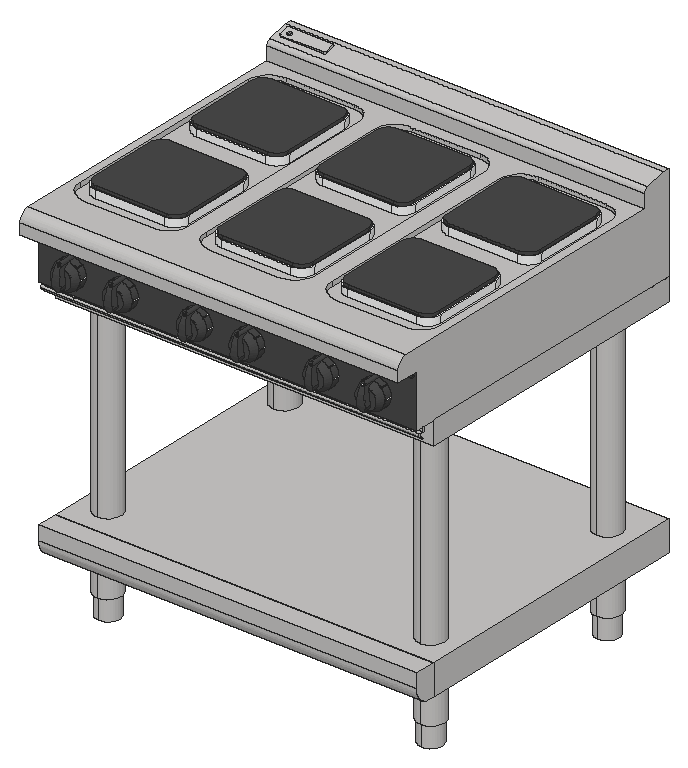
Revit family "QF_Moffat_RNLB8600SE-LS_Electric_Cooktops_Sealed_Hobs_cat", category Specialty Equipment, Revit 2019
Family settings
  Round Connector Dimension = Use Diameter
  Part Type = Normal
  Work Plane-Based = No
  Always vertical = Yes
  Cut with Voids When Loaded = No
  Shared = No
  Room Calculation Point = No
Parameters (values of type "QF_Moffat_RNLB8600SE-LS")
  Weight in Kilograms = 90
  Watts = 9130 W
  Volts = 415 V
  URL Cutsheet = ""
  Specification by User = ""
  Specification by Manufacturer = ""
  Serial Number = ""
  Seismic Rating = ""
  SMACNA No = ""
  Revision Code = ""
  Phase = 3
  Number of Poles = 1
  NAFEM Spec ID Number = ""
  Model = "RNLB8600SE-LS"
  Min Ckt Ampacity = 0 A
  Max Overcurrent Protection = 0 A
  Masterspec = ""
  Manufacturer = "Moffat"
  Length = 900 mm
  Item Number = ""
  Installed By = ""
  Identify Quantity as Lot = yes
  Height = 970 mm
  HP = ""
  Furnished By = ""
  Foodservice Equipment Identifier = yes
  FL Amps = 22 A
  Electrical Remarks = ""
  Electric Connection Type = ""
  Elec Conn RI Height = 0 mm
  Elec Conn Connection Height = 0 mm
  Description = "Electric Cooktops Sealed Hobs"
  Depth = 805 mm
  Cycle = 60 Hz
  Conn Plug = ""
  Conn Conduit = yes
  CSI MasterFormat = ""
  Apparent Power = if(Phase = 3, Volts * FL Amps * 1.73, Volts * FL Amps)  # 15794.9 VA
Reference planes
  plane 1 "BACK": y = 0
  plane 2: z = 0
  plane 3 "LEFT": x = 0
  plane 4 "RIGHT": x = 900
  plane 5 "FRONT": y = -805
  plane 6 "TOP": z = 915
  plane 7 "Center Y": x = 450
  plane 8 "Center X": y = -402.5
  plane 9: x = 65.5
  plane 10: x = 87.5
  plane 11: x = 211.766
  plane 12: y = -30
  plane 13: x = 770
  plane 14: x = 512.5
  plane 15: x = 388.234
  plane 16: x = 834.5
  plane 17: y = -100
  plane 18: y = -625
  plane 19: x = 812.5
  plane 20: x = 688.234
  plane 21: z = 970
Forms (mm)
  Extrusion 1, solid, material "QF_Metal_Stainless_Polished"
    sketch origin (0, 0, 600) x (0, 1, 0) y (0, 0, 1)
      loop
        line (0, 140) -> (0, 370) -> (-15, 370) -> (-61.106, 357.646)
        arc (-61.106, 357.646) -> (-67.52, 353.36) -> (-70, 346.055) r 12
        line (-70, 346.055) -> (-70, 315) -> (-781, 315)
        arc (-781, 315) -> (-797.971, 307.971) -> (-805, 291) r 24
        line (-805, 291) -> (-805, 266) -> (-749, 266) -> (-749, 140) -> (0, 140)
    from 0 to 900
  Extrusion 2, void
    sketch origin (0, -773.8, 915) x (0, 1, 0) y (-1, 0, 0)
      loop
        arc (673.6, -69) -> (658.955, -33.645) -> (623.6, -19) r 50
        line (623.6, -19) -> (123.399, -19)
        arc (123.399, -19) -> (88.044, -33.645) -> (73.399, -69) r 50
        line (73.399, -69) -> (73.399, -231)
        arc (73.399, -231) -> (88.044, -266.355) -> (123.399, -281) r 50
        line (123.399, -281) -> (623.6, -281)
        arc (623.6, -281) -> (658.955, -266.355) -> (673.6, -231) r 50
        line (673.6, -231) -> (673.6, -69)
      loop
        line (673.6, -831) -> (673.6, -669)
        arc (673.6, -669) -> (658.955, -633.645) -> (623.6, -619) r 50
        line (623.6, -619) -> (123.399, -619)
        arc (123.399, -619) -> (88.044, -633.645) -> (73.399, -669) r 50
        line (73.399, -669) -> (73.399, -831)
        arc (73.399, -831) -> (88.044, -866.355) -> (123.399, -881) r 50
        line (123.399, -881) -> (623.6, -881)
        arc (623.6, -881) -> (658.955, -866.355) -> (673.6, -831) r 50
      loop
        line (73.399, -369) -> (73.399, -531)
        arc (73.399, -531) -> (88.044, -566.355) -> (123.399, -581) r 50
        line (123.399, -581) -> (623.6, -581)
        arc (623.6, -581) -> (658.955, -566.355) -> (673.6, -531) r 50
        line (673.6, -531) -> (673.6, -369)
        arc (673.6, -369) -> (658.955, -333.645) -> (623.6, -319) r 50
        line (623.6, -319) -> (123.399, -319)
        arc (123.399, -319) -> (88.044, -333.645) -> (73.399, -369) r 50
    from 0 to -9.5
  Extrusion 3, solid, material "QF_Plastic_White_Smooth"
    sketch origin (0, -773.8, 905.5) x (0, 1, 0) y (-1, 0, 0)
      loop
        arc (637.6, -68) -> (628.227, -45.373) -> (605.6, -36) r 32
        line (605.6, -36) -> (441.399, -36)
        arc (441.399, -36) -> (418.772, -45.373) -> (409.399, -68) r 32
        line (409.399, -68) -> (409.399, -232)
        arc (409.399, -232) -> (418.772, -254.627) -> (441.399, -264) r 32
        line (441.399, -264) -> (605.6, -264)
        arc (605.6, -264) -> (628.227, -254.627) -> (637.6, -232) r 32
        line (637.6, -232) -> (637.6, -68)
      loop
        arc (337.399, -68) -> (328.027, -45.373) -> (305.399, -36) r 32
        line (305.399, -36) -> (141.399, -36)
        arc (141.399, -36) -> (118.772, -45.373) -> (109.399, -68) r 32
        line (109.399, -68) -> (109.399, -232)
        arc (109.399, -232) -> (118.772, -254.627) -> (141.399, -264) r 32
        line (141.399, -264) -> (305.399, -264)
        arc (305.399, -264) -> (328.027, -254.627) -> (337.399, -232) r 32
        line (337.399, -232) -> (337.399, -68)
      loop
        arc (637.6, -368) -> (628.227, -345.373) -> (605.6, -336) r 32
        line (605.6, -336) -> (441.399, -336)
        arc (441.399, -336) -> (418.772, -345.373) -> (409.399, -368) r 32
        line (409.399, -368) -> (409.399, -532)
        arc (409.399, -532) -> (418.772, -554.627) -> (441.399, -564) r 32
        line (441.399, -564) -> (605.6, -564)
        arc (605.6, -564) -> (628.227, -554.627) -> (637.6, -532) r 32
        line (637.6, -532) -> (637.6, -368)
      loop
        arc (409.399, -832) -> (418.772, -854.627) -> (441.399, -864) r 32
        line (441.399, -864) -> (605.6, -864)
        arc (605.6, -864) -> (628.227, -854.627) -> (637.6, -832) r 32
        line (637.6, -832) -> (637.6, -668)
        arc (637.6, -668) -> (628.227, -645.373) -> (605.6, -636) r 32
        line (605.6, -636) -> (441.399, -636)
        arc (441.399, -636) -> (418.772, -645.373) -> (409.399, -668) r 32
        line (409.399, -668) -> (409.399, -832)
      loop
        arc (337.399, -368) -> (328.027, -345.373) -> (305.399, -336) r 32
        line (305.399, -336) -> (141.399, -336)
        arc (141.399, -336) -> (118.772, -345.373) -> (109.399, -368) r 32
        line (109.399, -368) -> (109.399, -532)
        arc (109.399, -532) -> (118.772, -554.627) -> (141.399, -564) r 32
        line (141.399, -564) -> (305.399, -564)
        arc (305.399, -564) -> (328.027, -554.627) -> (337.399, -532) r 32
        line (337.399, -532) -> (337.399, -368)
      loop
        arc (109.399, -832) -> (118.772, -854.627) -> (141.399, -864) r 32
        line (141.399, -864) -> (305.399, -864)
        arc (305.399, -864) -> (328.027, -854.627) -> (337.399, -832) r 32
        line (337.399, -832) -> (337.399, -668)
        arc (337.399, -668) -> (328.027, -645.373) -> (305.399, -636) r 32
        line (305.399, -636) -> (141.399, -636)
        arc (141.399, -636) -> (118.772, -645.373) -> (109.399, -668) r 32
        line (109.399, -668) -> (109.399, -832)
    from 0 to 17.8
  Extrusion 4, solid, material "QF_Plastic_Black_Smooth"
    sketch origin (0, -773.8, 923.3) x (0, 1, 0) y (-1, 0, 0)
      loop
        arc (633.6, -67) -> (625.692, -47.908) -> (606.6, -40) r 27
        line (606.6, -40) -> (440.399, -40)
        arc (440.399, -40) -> (421.308, -47.908) -> (413.399, -67) r 27
        line (413.399, -67) -> (413.399, -233)
        arc (413.399, -233) -> (421.308, -252.092) -> (440.399, -260) r 27
        line (440.399, -260) -> (606.6, -260)
        arc (606.6, -260) -> (625.692, -252.092) -> (633.6, -233) r 27
        line (633.6, -233) -> (633.6, -67)
      loop
        arc (333.399, -67) -> (325.491, -47.908) -> (306.399, -40) r 27
        line (306.399, -40) -> (140.399, -40)
        arc (140.399, -40) -> (121.308, -47.908) -> (113.399, -67) r 27
        line (113.399, -67) -> (113.399, -233)
        arc (113.399, -233) -> (121.308, -252.092) -> (140.399, -260) r 27
        line (140.399, -260) -> (306.399, -260)
        arc (306.399, -260) -> (325.491, -252.092) -> (333.399, -233) r 27
        line (333.399, -233) -> (333.399, -67)
      loop
        line (633.6, -833) -> (633.6, -667)
        arc (633.6, -667) -> (625.692, -647.908) -> (606.6, -640) r 27
        line (606.6, -640) -> (440.399, -640)
        arc (440.399, -640) -> (421.308, -647.908) -> (413.399, -667) r 27
        line (413.399, -667) -> (413.399, -833)
        arc (413.399, -833) -> (421.308, -852.092) -> (440.399, -860) r 27
        line (440.399, -860) -> (606.6, -860)
        arc (606.6, -860) -> (625.692, -852.092) -> (633.6, -833) r 27
      loop
        line (413.399, -367) -> (413.399, -533)
        arc (413.399, -533) -> (421.308, -552.092) -> (440.399, -560) r 27
        line (440.399, -560) -> (606.6, -560)
        arc (606.6, -560) -> (625.692, -552.092) -> (633.6, -533) r 27
        line (633.6, -533) -> (633.6, -367)
        arc (633.6, -367) -> (625.692, -347.908) -> (606.6, -340) r 27
        line (606.6, -340) -> (440.399, -340)
        arc (440.399, -340) -> (421.308, -347.908) -> (413.399, -367) r 27
      loop
        line (333.399, -833) -> (333.399, -667)
        arc (333.399, -667) -> (325.491, -647.908) -> (306.399, -640) r 27
        line (306.399, -640) -> (140.399, -640)
        arc (140.399, -640) -> (121.308, -647.908) -> (113.399, -667) r 27
        line (113.399, -667) -> (113.399, -833)
        arc (113.399, -833) -> (121.308, -852.092) -> (140.399, -860) r 27
        line (140.399, -860) -> (306.399, -860)
        arc (306.399, -860) -> (325.491, -852.092) -> (333.399, -833) r 27
      loop
        line (113.399, -367) -> (113.399, -533)
        arc (113.399, -533) -> (121.308, -552.092) -> (140.399, -560) r 27
        line (140.399, -560) -> (306.399, -560)
        arc (306.399, -560) -> (325.491, -552.092) -> (333.399, -533) r 27
        line (333.399, -533) -> (333.399, -367)
        arc (333.399, -367) -> (325.491, -347.908) -> (306.399, -340) r 27
        line (306.399, -340) -> (140.399, -340)
        arc (140.399, -340) -> (121.308, -347.908) -> (113.399, -367) r 27
    from 0 to 6.1
  Extrusion 5, solid, material "QF_Metal_Stainless_Polished"
    sketch origin (0, 0, 600) x (0, 1, 0) y (0, 0, 1)
      loop
        line (-699, 85) -> (0, 85) -> (0, 140) -> (-699, 140) -> (-699, 85)
    from 0 to 900
  Extrusion 6, solid, material "QF_Metal_Stainless_Polished"
    sketch origin (0, 0, 600) x (0, 1, 0) y (0, 0, 1)
      loop
        line (-730.6, 140) -> (-730.6, 130) -> (-740.105, 130)
        arc (-740.105, 130) -> (-743.076, 128.015) -> (-742.379, 124.511) r 3.215
        line (-742.379, 124.511) -> (-731.85, 113.982) -> (-730.719, 115.113) -> (-741.247, 125.642)
        arc (-741.247, 125.642) -> (-741.597, 127.403) -> (-740.105, 128.4) r 1.615
        line (-740.105, 128.4) -> (-729, 128.4) -> (-729, 140) -> (-730.6, 140)
    from 0 to 900
  Extrusion 7, solid, material "QF_Metal_Stainless_Polished"
    sketch origin (450, 175.397, 1819.2) x (0, 1, 0) y (0, 0, 1)
      loop
        line (-874.397, -1109.2) -> (-889.234, -1109.2)
        arc (-889.234, -1109.2) -> (-890.834, -1110.8) -> (-889.234, -1112.4) r 1.6
        line (-889.234, -1112.4) -> (-874.397, -1112.4) -> (-874.397, -1109.2)
    from -400 to 400
  Extrusion 8, solid, material "QF_Paint_Green"
    sketch origin (0, -749, 711.25) x (0, 0, 1) y (-1, 0, 0)
      loop
        circle (129.8, -732.5) r 7.15
      loop
        circle (129.8, -857.5) r 7.15
      loop
        circle (129.8, -431.766) r 7.15
      loop
        circle (129.8, -556.766) r 7.15
      loop
        circle (129.8, -131.031) r 7.15
      loop
        circle (129.8, -256.031) r 7.15
    from 0 to 1.6
  Extrusion 9, solid, material "QF_Plastic_Black_Smooth"
    sketch origin (0, -749, 711.25) x (0, 0, 1) y (-1, 0, 0)
      loop
        circle (142.343, -13.157) r 5
      loop
        circle (142.343, -886.843) r 5
    from 0 to 1.6
  Extrusion 10, solid, material "QF_Metal_Stainless_Polished"
    sketch origin (-6096, 287.266, 675) x (0, 1, 0) y (-1, 0, 0)
      loop
        circle (-317.266, -6866) r 6.35
    from 10 to 0
  Extrusion 11, solid, material "QF_Metal_Stainless_Polished"
    sketch origin (0, 0, 0) x (0, 1, 0) y (0, 0, 1)
      loop
        line (-749, 222.5) -> (-749, 188)
        arc (-749, 188) -> (-737.87, 161.13) -> (-711, 150) r 38
        line (-711, 150) -> (-699, 150) -> (-699, 222.5) -> (-749, 222.5)
    from 0 to 900
  Revolve 12, solid, material "QF_Metal_Stainless_Polished"
    sketch origin (65.5, -4572, -304.8) x (0, 0, -1) y (0, -1, 0)
      loop
        line (-304.8, -3947) -> (-989.8, -3947) -> (-989.8, -3978.75) -> (-354.8, -3978.75) -> (-354.8, -3974.5) -> (-304.8, -3974.5) -> (-304.8, -3947)
      axis (-989.8, -3947) -> (-304.8, -3947)
    angle from 0 to 360
  Revolve 13, solid, material "QF_Metal_Stainless_Polished"
    sketch origin (834.5, -4572, -304.8) x (0, 0, -1) y (0, 1, 0)
      loop
        line (-304.8, 3947) -> (-304.8, 3974.5) -> (-354.8, 3974.5) -> (-354.8, 3978.75) -> (-989.8, 3978.75) -> (-989.8, 3947) -> (-304.8, 3947)
      axis (-989.8, 3947) -> (-304.8, 3947)
    angle from 0 to 360
  Extrusion 14, solid, material "QF_Metal_Stainless_Polished"
    sketch origin (0, 0, 0) x (0, 1, 0) y (0, 0, 1)
      loop
        line (-699, 222.5) -> (-699, 150) -> (0, 150) -> (0, 222.5) -> (-699, 222.5)
    from 0 to 900
  Revolve 15, solid, material "QF_Metal_Stainless_Polished"
    sketch origin (834.5, 3847, -304.8) x (0, 0, -1) y (0, 1, 0)
      loop
        line (-304.8, -3947) -> (-989.8, -3947) -> (-989.8, -3978.75) -> (-354.8, -3978.75) -> (-354.8, -3974.5) -> (-304.8, -3974.5) -> (-304.8, -3947)
      axis (-989.8, -3947) -> (-304.8, -3947)
    angle from 0 to 360
  Revolve 16, solid, material "QF_Metal_Stainless_Polished"
    sketch origin (65.5, 3847, -304.8) x (0, 0, -1) y (0, -1, 0)
      loop
        line (-304.8, 3947) -> (-304.8, 3974.5) -> (-354.8, 3974.5) -> (-354.8, 3978.75) -> (-989.8, 3978.75) -> (-989.8, 3947) -> (-304.8, 3947)
      axis (-989.8, 3947) -> (-304.8, 3947)
    angle from 0 to 360
Cuts and joins
  Extrusion 2 cuts Extrusion 1
  joined: Extrusion 5, Extrusion 11
  joined: Revolve 12, Revolve 13, Extrusion 14, Revolve 15, Revolve 16
Lines and regions (mm)
  symbolic lines
    curve 1: line (0, 0, 0) -> (900, 0, 0)
    curve 2: line (0, -805, 0) -> (0, 0, 0)
    curve 3: line (900, -805, 0) -> (0, -805, 0)
    curve 4: line (900, 0, 0) -> (900, -805, 0)
    curve 5: arc (19, -150.2, 0) -> (33.645, -114.845, 0) -> (69, -100.2, 0) r 50
    curve 6: line (69, -100.2, 0) -> (231, -100.2, 0)
    curve 7: arc (231, -100.2, 0) -> (266.355, -114.845, 0) -> (281, -150.2, 0) r 50
    curve 8: line (281, -150.2, 0) -> (281, -650.401, 0)
    curve 9: arc (281, -650.401, 0) -> (266.355, -685.756, 0) -> (231, -700.401, 0) r 50
    curve 10: line (231, -700.401, 0) -> (69, -700.401, 0)
    curve 11: arc (69, -700.401, 0) -> (33.645, -685.756, 0) -> (19, -650.401, 0) r 50
    curve 12: line (19, -650.401, 0) -> (19, -150.2, 0)
    curve 13: line (232, -136.2, 0) -> (68, -136.2, 0)
    curve 14: arc (68, -136.2, 0) -> (45.373, -145.573, 0) -> (36, -168.2, 0) r 32
    curve 15: line (36, -168.2, 0) -> (36, -332.401, 0)
    curve 16: arc (36, -332.401, 0) -> (45.373, -355.028, 0) -> (68, -364.401, 0) r 32
    curve 17: line (68, -364.401, 0) -> (232, -364.401, 0)
    curve 18: arc (232, -364.401, 0) -> (254.627, -355.028, 0) -> (264, -332.401, 0) r 32
    curve 19: line (264, -332.401, 0) -> (264, -168.2, 0)
    curve 20: arc (264, -168.2, 0) -> (254.627, -145.573, 0) -> (232, -136.2, 0) r 32
    curve 21: line (233, -140.2, 0) -> (67, -140.2, 0)
    curve 22: arc (67, -140.2, 0) -> (47.908, -148.108, 0) -> (40, -167.2, 0) r 27
    curve 23: line (40, -167.2, 0) -> (40, -333.401, 0)
    curve 24: arc (40, -333.401, 0) -> (47.908, -352.492, 0) -> (67, -360.401, 0) r 27
    curve 25: line (67, -360.401, 0) -> (233, -360.401, 0)
    curve 26: arc (233, -360.401, 0) -> (252.092, -352.492, 0) -> (260, -333.401, 0) r 27
    curve 27: line (260, -333.401, 0) -> (260, -167.2, 0)
    curve 28: arc (260, -167.2, 0) -> (252.092, -148.108, 0) -> (233, -140.2, 0) r 27
    curve 29: line (232, -436.401, 0) -> (68, -436.401, 0)
    curve 30: arc (68, -436.401, 0) -> (45.373, -445.773, 0) -> (36, -468.401, 0) r 32
    curve 31: line (36, -468.401, 0) -> (36, -632.401, 0)
    curve 32: arc (36, -632.401, 0) -> (45.373, -655.028, 0) -> (68, -664.401, 0) r 32
    curve 33: line (68, -664.401, 0) -> (232, -664.401, 0)
    curve 34: arc (232, -664.401, 0) -> (254.627, -655.028, 0) -> (264, -632.401, 0) r 32
    curve 35: line (264, -632.401, 0) -> (264, -468.401, 0)
    curve 36: arc (264, -468.401, 0) -> (254.627, -445.773, 0) -> (232, -436.401, 0) r 32
    curve 37: line (233, -440.401, 0) -> (67, -440.401, 0)
    curve 38: arc (67, -440.401, 0) -> (47.908, -448.309, 0) -> (40, -467.401, 0) r 27
    curve 39: line (40, -467.401, 0) -> (40, -633.401, 0)
    curve 40: arc (40, -633.401, 0) -> (47.908, -652.492, 0) -> (67, -660.401, 0) r 27
    curve 41: line (67, -660.401, 0) -> (233, -660.401, 0)
    curve 42: arc (233, -660.401, 0) -> (252.092, -652.492, 0) -> (260, -633.401, 0) r 27
    curve 43: line (260, -633.401, 0) -> (260, -467.401, 0)
    curve 44: arc (260, -467.401, 0) -> (252.092, -448.309, 0) -> (233, -440.401, 0) r 27
    curve 45: arc (367, -440.401, 0) -> (347.908, -448.309, 0) -> (340, -467.401, 0) r 27
    curve 46: line (340, -467.401, 0) -> (340, -633.401, 0)
    curve 47: arc (340, -633.401, 0) -> (347.908, -652.492, 0) -> (367, -660.401, 0) r 27
    curve 48: line (367, -660.401, 0) -> (533, -660.401, 0)
    curve 49: arc (533, -660.401, 0) -> (552.092, -652.492, 0) -> (560, -633.401, 0) r 27
    curve 50: line (560, -633.401, 0) -> (560, -467.401, 0)
    curve 51: arc (560, -467.401, 0) -> (552.092, -448.309, 0) -> (533, -440.401, 0) r 27
    curve 52: line (533, -440.401, 0) -> (367, -440.401, 0)
    curve 53: arc (368, -436.401, 0) -> (345.373, -445.773, 0) -> (336, -468.401, 0) r 32
    curve 54: line (336, -468.401, 0) -> (336, -632.401, 0)
    curve 55: arc (336, -632.401, 0) -> (345.373, -655.028, 0) -> (368, -664.401, 0) r 32
    curve 56: line (368, -664.401, 0) -> (532, -664.401, 0)
    curve 57: arc (532, -664.401, 0) -> (554.627, -655.028, 0) -> (564, -632.401, 0) r 32
    curve 58: line (564, -632.401, 0) -> (564, -468.401, 0)
    curve 59: arc (564, -468.401, 0) -> (554.627, -445.773, 0) -> (532, -436.401, 0) r 32
    curve 60: line (532, -436.401, 0) -> (368, -436.401, 0)
    curve 61: line (319, -650.401, 0) -> (319, -150.2, 0)
    curve 62: arc (319, -150.2, 0) -> (333.645, -114.845, 0) -> (369, -100.2, 0) r 50
    curve 63: line (369, -100.2, 0) -> (531, -100.2, 0)
    curve 64: arc (531, -100.2, 0) -> (566.355, -114.845, 0) -> (581, -150.2, 0) r 50
    curve 65: line (581, -150.2, 0) -> (581, -650.401, 0)
    curve 66: arc (581, -650.401, 0) -> (566.355, -685.756, 0) -> (531, -700.401, 0) r 50
    curve 67: line (531, -700.401, 0) -> (369, -700.401, 0)
    curve 68: arc (369, -700.401, 0) -> (333.645, -685.756, 0) -> (319, -650.401, 0) r 50
    curve 69: arc (368, -136.2, 0) -> (345.373, -145.573, 0) -> (336, -168.2, 0) r 32
    curve 70: line (336, -168.2, 0) -> (336, -332.401, 0)
    curve 71: arc (336, -332.401, 0) -> (345.373, -355.028, 0) -> (368, -364.401, 0) r 32
    curve 72: line (368, -364.401, 0) -> (532, -364.401, 0)
    curve 73: arc (532, -364.401, 0) -> (554.627, -355.028, 0) -> (564, -332.401, 0) r 32
    curve 74: line (564, -332.401, 0) -> (564, -168.2, 0)
    curve 75: arc (564, -168.2, 0) -> (554.627, -145.573, 0) -> (532, -136.2, 0) r 32
    curve 76: line (532, -136.2, 0) -> (368, -136.2, 0)
    curve 77: arc (367, -140.2, 0) -> (347.908, -148.108, 0) -> (340, -167.2, 0) r 27
    curve 78: line (340, -167.2, 0) -> (340, -333.401, 0)
    curve 79: arc (340, -333.401, 0) -> (347.908, -352.492, 0) -> (367, -360.401, 0) r 27
    curve 80: line (367, -360.401, 0) -> (533, -360.401, 0)
    curve 81: arc (533, -360.401, 0) -> (552.092, -352.492, 0) -> (560, -333.401, 0) r 27
    curve 82: line (560, -333.401, 0) -> (560, -167.2, 0)
    curve 83: arc (560, -167.2, 0) -> (552.092, -148.108, 0) -> (533, -140.2, 0) r 27
    curve 84: line (533, -140.2, 0) -> (367, -140.2, 0)
    curve 85: line (619, -650.401, 0) -> (619, -150.2, 0)
    curve 86: arc (619, -150.2, 0) -> (633.645, -114.845, 0) -> (669, -100.2, 0) r 50
    curve 87: line (669, -100.2, 0) -> (831, -100.2, 0)
    curve 88: arc (831, -100.2, 0) -> (866.355, -114.845, 0) -> (881, -150.2, 0) r 50
    curve 89: line (881, -150.2, 0) -> (881, -650.401, 0)
    curve 90: line (831, -700.401, 0) -> (669, -700.401, 0)
    curve 91: arc (669, -700.401, 0) -> (633.645, -685.756, 0) -> (619, -650.401, 0) r 50
    curve 92: arc (636, -632.401, 0) -> (645.373, -655.028, 0) -> (668, -664.401, 0) r 32
    curve 93: line (668, -664.401, 0) -> (832, -664.401, 0)
    curve 94: arc (832, -664.401, 0) -> (854.627, -655.028, 0) -> (864, -632.401, 0) r 32
    curve 95: line (864, -632.401, 0) -> (864, -468.401, 0)
    curve 96: arc (864, -468.401, 0) -> (854.627, -445.773, 0) -> (832, -436.401, 0) r 32
    curve 97: line (832, -436.401, 0) -> (668, -436.401, 0)
    curve 98: arc (668, -436.401, 0) -> (645.373, -445.773, 0) -> (636, -468.401, 0) r 32
    curve 99: line (636, -468.401, 0) -> (636, -632.401, 0)
    curve 100: arc (640, -633.401, 0) -> (647.908, -652.492, 0) -> (667, -660.401, 0) r 27
    curve 101: line (667, -660.401, 0) -> (833, -660.401, 0)
    curve 102: arc (833, -660.401, 0) -> (852.092, -652.492, 0) -> (860, -633.401, 0) r 27
    curve 103: line (860, -633.401, 0) -> (860, -467.401, 0)
    curve 104: arc (860, -467.401, 0) -> (852.092, -448.309, 0) -> (833, -440.401, 0) r 27
    curve 105: line (833, -440.401, 0) -> (667, -440.401, 0)
    curve 106: arc (667, -440.401, 0) -> (647.908, -448.309, 0) -> (640, -467.401, 0) r 27
    curve 107: line (640, -467.401, 0) -> (640, -633.401, 0)
    curve 108: line (832, -136.2, 0) -> (668, -136.2, 0)
    curve 109: arc (668, -136.2, 0) -> (645.373, -145.573, 0) -> (636, -168.2, 0) r 32
    curve 110: line (636, -168.2, 0) -> (636, -332.401, 0)
    curve 111: arc (636, -332.401, 0) -> (645.373, -355.028, 0) -> (668, -364.401, 0) r 32
    curve 112: line (668, -364.401, 0) -> (832, -364.401, 0)
    curve 113: arc (832, -364.401, 0) -> (854.627, -355.028, 0) -> (864, -332.401, 0) r 32
    curve 114: line (864, -332.401, 0) -> (864, -168.2, 0)
    curve 115: arc (864, -168.2, 0) -> (854.627, -145.573, 0) -> (832, -136.2, 0) r 32
    curve 116: line (833, -140.2, 0) -> (667, -140.2, 0)
    curve 117: arc (667, -140.2, 0) -> (647.908, -148.108, 0) -> (640, -167.2, 0) r 27
    curve 118: line (640, -167.2, 0) -> (640, -333.401, 0)
    curve 119: arc (640, -333.401, 0) -> (647.908, -352.492, 0) -> (667, -360.401, 0) r 27
    curve 120: line (667, -360.401, 0) -> (833, -360.401, 0)
    curve 121: arc (833, -360.401, 0) -> (852.092, -352.492, 0) -> (860, -333.401, 0) r 27
    curve 122: line (860, -333.401, 0) -> (860, -167.2, 0)
    curve 123: arc (860, -167.2, 0) -> (852.092, -148.108, 0) -> (833, -140.2, 0) r 27
    curve 124: arc (831, -700.401, 0) -> (866.355, -685.756, 0) -> (881, -650.401, 0) r 50
    curve 125: line (0, -70, 0) -> (900, -70, 0)
    curve 126: line (0, -15, 0) -> (900, -15, 0)
Dimensions and locks
  equal spacing: plane 3 "LEFT", plane 7 "Center Y", plane 4 "RIGHT"
  "Length": plane 3 "LEFT" to plane 4 "RIGHT"
  equal spacing: plane 5 "FRONT", plane 8 "Center X", plane 1 "BACK"
  "Depth": plane 5 "FRONT" to plane 1 "BACK"
  plane 4 "RIGHT" to plane 3 "LEFT" = 900 mm
  plane 1 "BACK" to plane 5 "FRONT" = 805 mm
  plane 6 "TOP" to plane 2 = 915 mm
  cut or joined group of Extrusion 1, Extrusion 2 to plane 2 = 915 mm
  locked: plane 13 to plane 4 "RIGHT" at 130
  plane 9 to plane 16 = 769 mm
  plane 1 "BACK" to plane 17 = 100 mm
  plane 17 to plane 18 = 525 mm
  plane 1 "BACK" to plane 12 = 30 mm
  plane 5 "FRONT" to plane 1 "BACK" = 805 mm
  "Height": plane 21 to level
  aligned and locked: level to plane 2
Automatic sketch dimensions
  Extrusion 1 sketch curve to plane 5 "FRONT" = 0 mm
  Extrusion 1 sketch curve to plane 5 "FRONT" = 24 mm
  Extrusion 1 sketch curve to Extrusion 1 sketch curve = 32 mm
  Extrusion 1 sketch curve to Extrusion 1 sketch curve = 25 mm
  Extrusion 2 sketch curve to Extrusion 1 = 80.599 mm  (x3)
  Extrusion 2 sketch curve to Extrusion 2 sketch curve = 50 mm  (x8)
  Extrusion 2 sketch curve to Extrusion 2 sketch curve = 0 mm  (x4)
  Extrusion 1 to Extrusion 2 sketch curve = 19 mm  (x2)
  Extrusion 2 sketch curve to Extrusion 2 sketch curve = 162 mm  (x2)
  Extrusion 2 sketch curve to Extrusion 2 sketch curve = 38 mm  (x2)
  Extrusion 3 sketch curve to Extrusion 2 = 36 mm  (x3)
  Extrusion 3 sketch curve to Extrusion 3 sketch curve = 32 mm  (x17)
  Extrusion 3 sketch curve to Extrusion 2 = 17 mm  (x9)
  Extrusion 3 sketch curve to Extrusion 2 = 49 mm  (x5)
  Extrusion 3 sketch curve to Extrusion 3 sketch curve = 164 mm  (x3)
  Extrusion 3 sketch curve to Extrusion 3 sketch curve = 0 mm  (x2)
  Extrusion 3 sketch curve to Extrusion 3 sketch curve = 72 mm  (x3)
  Extrusion 3 sketch curve to Extrusion 2 = 68 mm  (x6)
  Extrusion 4 sketch curve to Extrusion 3 = 4 mm  (x22)
  Extrusion 4 sketch curve to Extrusion 3 = 31 mm  (x22)
  Extrusion 4 sketch curve to Extrusion 4 sketch curve = 27 mm  (x4)
  Extrusion 5 sketch curve to plane 1 "BACK" = 0 mm
  plane 18 to Extrusion 5 sketch curve = 74 mm
  Extrusion 5 sketch curve to Extrusion 5 sketch curve = 55 mm
  Extrusion 6 sketch curve to Extrusion 6 sketch curve = 0 mm  (x3)
  Extrusion 6 sketch curve to plane 5 "FRONT" = 62.621 mm
  Extrusion 6 sketch curve to Extrusion 6 sketch curve = 1.131 mm  (x3)
  Extrusion 6 sketch curve to Extrusion 6 sketch curve = 1.142 mm  (x2)
  Extrusion 6 sketch curve to Extrusion 6 sketch curve = 10.529 mm
  Extrusion 6 sketch curve to Extrusion 6 sketch curve = 9.505 mm
  Extrusion 6 sketch curve to Extrusion 6 sketch curve = 1.6 mm
  Extrusion 6 sketch curve to Extrusion 6 sketch curve = 10 mm
  plane 18 to Extrusion 7 sketch curve = 88.837 mm
  Extrusion 7 sketch curve to Extrusion 7 sketch curve = 14.837 mm
  Extrusion 7 sketch curve to Extrusion 7 sketch curve = 1.6 mm
  Extrusion 8 sketch curve to Extrusion 1 = 24.95 mm  (x6)
  Extrusion 1 to Extrusion 8 sketch curve = 42.5 mm
  Extrusion 8 sketch curve to Extrusion 8 sketch curve = 125 mm  (x3)
  Extrusion 8 sketch curve to Extrusion 8 sketch curve = 175.734 mm  (x2)
  Extrusion 9 sketch curve to Extrusion 1 = 12.407 mm  (x2)
  Extrusion 1 to Extrusion 9 sketch curve = 13.157 mm  (x2)
  plane 12 to Extrusion 10 sketch curve = 0 mm
  Extrusion 10 sketch curve to plane 13 = 0 mm
  Extrusion 11 sketch curve to plane 5 "FRONT" = 56 mm
  Extrusion 11 sketch curve to Extrusion 11 sketch curve = 12 mm
  Extrusion 11 sketch curve to Extrusion 11 sketch curve = 34.5 mm
  Revolve 12 sketch curve to plane 18 = 0 mm  (x2)
  Revolve 12 sketch curve to level = 0 mm  (x2)
  Revolve 12 sketch curve to Revolve 12 sketch curve = 50 mm
  Revolve 12 sketch curve to plane 18 = 27.5 mm
  Revolve 12 sketch curve to Revolve 12 sketch curve = 31.75 mm
  Revolve 12 sketch curve to Revolve 12 sketch curve = 35 mm
  Revolve 13 sketch curve to plane 18 = 0 mm  (x2)
  Revolve 13 sketch curve to level = 0 mm  (x2)
  level to Revolve 13 sketch curve = 50 mm
  Revolve 13 sketch curve to Revolve 13 sketch curve = 27.5 mm
  Revolve 13 sketch curve to Revolve 13 sketch curve = 31.75 mm
  Revolve 13 sketch curve to Revolve 13 sketch curve = 35 mm
  Extrusion 14 sketch curve to plane 1 "BACK" = 0 mm
  plane 18 to Extrusion 14 sketch curve = 74 mm
  Extrusion 14 sketch curve to Extrusion 14 sketch curve = 72.5 mm
  Revolve 15 sketch curve to plane 17 = 0 mm  (x2)
  Revolve 15 sketch curve to level = 0 mm  (x2)
  Revolve 15 sketch curve to Revolve 15 sketch curve = 50 mm
  plane 17 to Revolve 15 sketch curve = 27.5 mm
  Revolve 15 sketch curve to Revolve 15 sketch curve = 31.75 mm
  Revolve 15 sketch curve to level = 35 mm
  Revolve 16 sketch curve to plane 17 = 0 mm  (x2)
  Revolve 16 sketch curve to level = 0 mm  (x2)
  Revolve 16 sketch curve to Revolve 16 sketch curve = 50 mm
  Revolve 16 sketch curve to Revolve 16 sketch curve = 27.5 mm
  Revolve 16 sketch curve to Revolve 16 sketch curve = 31.75 mm
  Revolve 16 sketch curve to level = 35 mm
  plane 1 "BACK" to curve 1 = 0 mm
  curve 1 to plane 3 "LEFT" = 0 mm
  curve 4 to plane 4 "RIGHT" = 0 mm
  plane 5 "FRONT" to curve 3 = 0 mm
  plane 3 "LEFT" to curve 12 = 19 mm
  curve 12 to curve 15 = 17 mm
  plane 9 to curve 31 = 29.5 mm
  curve 31 to curve 39 = 4 mm
  curve 15 to curve 23 = 4 mm
  curve 24 to plane 9 = 1.5 mm
  curve 22 to plane 9 = 1.5 mm
  curve 40 to plane 9 = 1.5 mm
  curve 38 to plane 9 = 1.5 mm
  curve 22 to curve 14 = 1 mm
  curve 24 to curve 16 = 1 mm
  curve 33 to plane 9 = 2.5 mm
  curve 38 to curve 30 = 1 mm
  curve 5 to plane 9 = 3.5 mm
  curve 10 to plane 9 = 3.5 mm
  plane 11 to curve 7 = 19.234 mm
  plane 11 to curve 10 = 19.234 mm
  plane 11 to curve 36 = 20.234 mm
  curve 9 to curve 34 = 1 mm
  plane 11 to curve 17 = 20.234 mm
  curve 7 to curve 13 = 1 mm
  curve 33 to curve 41 = 1 mm
  curve 20 to curve 21 = 1 mm
  curve 36 to curve 44 = 1 mm  (x2)
  curve 17 to curve 25 = 1 mm
  curve 26 to curve 27 = 27 mm
  curve 44 to curve 43 = 27 mm
  curve 43 to curve 35 = 4 mm
  curve 26 to curve 19 = 4 mm
  curve 19 to curve 8 = 17 mm
  curve 8 to curve 61 = 38 mm
  curve 62 to curve 70 = 17 mm
  plane 15 to curve 54 = 52.234 mm
  curve 53 to curve 46 = 4 mm
  curve 69 to curve 78 = 4 mm
  plane 18 to curve 47 = 8.401 mm
  plane 15 to curve 47 = 21.234 mm
  plane 15 to curve 80 = 21.234 mm
  plane 15 to curve 77 = 21.234 mm
  plane 15 to curve 52 = 21.234 mm
  curve 47 to curve 55 = 1 mm
  curve 45 to curve 53 = 1 mm
  curve 77 to curve 76 = 1 mm
  curve 79 to curve 72 = 1 mm
  curve 48 to curve 68 = 2 mm
  plane 17 to curve 63 = 0.2 mm
  plane 15 to curve 63 = 19.234 mm
  plane 14 to curve 67 = 18.5 mm
  plane 14 to curve 63 = 18.5 mm
  plane 14 to curve 72 = 19.5 mm
  curve 66 to curve 56 = 1 mm
  curve 64 to curve 76 = 1 mm
  plane 14 to curve 59 = 19.5 mm
  curve 59 to curve 52 = 1 mm
  curve 73 to curve 80 = 1 mm
  curve 75 to curve 83 = 1 mm
  curve 57 to curve 49 = 1 mm
  curve 51 to curve 50 = 27 mm
  curve 83 to curve 82 = 27 mm
  curve 83 to curve 74 = 4 mm
  curve 50 to curve 58 = 4 mm
  curve 57 to curve 65 = 17 mm
  curve 64 to curve 85 = 38 mm
  plane 20 to curve 99 = 52.234 mm
  plane 20 to curve 110 = 52.234 mm
  curve 99 to curve 107 = 4 mm
  curve 110 to curve 118 = 4 mm
  plane 20 to curve 119 = 21.234 mm
  plane 20 to curve 117 = 21.234 mm
  plane 20 to curve 106 = 21.234 mm
  plane 20 to curve 101 = 21.234 mm
  curve 101 to curve 93 = 1 mm
  curve 119 to curve 112 = 1 mm
  curve 117 to curve 108 = 1 mm
  curve 106 to curve 97 = 1 mm
  plane 20 to curve 90 = 19.234 mm
  curve 116 to curve 86 = 2 mm
  plane 17 to curve 87 = 0.2 mm
  curve 87 to plane 16 = 3.5 mm
  curve 115 to plane 16 = 2.5 mm
  curve 112 to plane 16 = 2.5 mm
  curve 93 to plane 16 = 2.5 mm
  curve 97 to plane 16 = 2.5 mm
  curve 96 to curve 104 = 1 mm
  curve 116 to plane 16 = 1.5 mm
  curve 94 to curve 102 = 1 mm
  curve 113 to curve 121 = 1 mm
  plane 16 to curve 122 = 25.5 mm
  plane 16 to curve 103 = 25.5 mm
  curve 103 to curve 95 = 4 mm
  curve 121 to curve 114 = 4 mm
  plane 4 "RIGHT" to curve 89 = 19 mm
  plane 18 to curve 90 = 75.401 mm
  plane 18 to curve 10 = 75.401 mm
  curve 67 to curve 47 = 40 mm
  curve 56 to curve 48 = 4 mm
  curve 33 to curve 11 = 14 mm
  curve 33 to curve 41 = 4 mm
  curve 93 to curve 101 = 4 mm
  curve 36 to plane 8 "Center X" = 65.901 mm
  curve 53 to plane 8 "Center X" = 65.901 mm
  curve 99 to plane 8 "Center X" = 65.901 mm
  curve 53 to curve 45 = 1 mm
  curve 98 to curve 106 = 1 mm
  plane 8 "Center X" to curve 112 = 38.099 mm
  plane 8 "Center X" to curve 17 = 38.099 mm
  plane 8 "Center X" to curve 72 = 38.099 mm
  curve 112 to curve 120 = 4 mm
  curve 71 to curve 80 = 4 mm
  curve 17 to curve 25 = 4 mm
  plane 17 to curve 14 = 68.2 mm
  curve 69 to curve 62 = 18 mm
  curve 110 to curve 86 = 18 mm
  curve 69 to curve 77 = 1 mm
  curve 110 to curve 118 = 1 mm
  curve 14 to curve 22 = 1 mm
  curve 7 to curve 28 = 10 mm
  curve 90 to plane 16 = 3.5 mm
  curve 89 to curve 94 = 18 mm
  Extrusion 1 sketch curve to Extrusion 1 sketch curve = 126 mm
  Extrusion 5 sketch curve to plane 6 "TOP" = 230 mm
  Extrusion 6 sketch curve to plane 6 "TOP" = 201.018 mm
  Extrusion 7 sketch curve to plane 6 "TOP" = 208.2 mm
  Revolve 12 sketch curve to plane 6 "TOP" = 230 mm
  Revolve 13 sketch curve to plane 6 "TOP" = 230 mm
  Revolve 15 sketch curve to plane 6 "TOP" = 230 mm
  Revolve 16 sketch curve to plane 6 "TOP" = 230 mm
  Extrusion 11 sketch curve to Extrusion 11 sketch curve = 38 mm
  level to Extrusion 11 sketch curve = 150 mm
  level to Extrusion 14 sketch curve = 150 mm
  plane 12 to Extrusion 1 sketch curve = 31.106 mm
  Extrusion 1 sketch curve to Extrusion 1 sketch curve = 3.106 mm
  plane 6 "TOP" to Extrusion 1 sketch curve = 31.055 mm
  Extrusion 1 sketch curve to Extrusion 1 sketch curve = 11.591 mm
  plane 1 "BACK" to Extrusion 1 sketch curve = 15 mm
  Extrusion 1 sketch curve to Extrusion 1 sketch curve = 12.354 mm
  Extrusion 1 sketch curve to plane 1 "BACK" = 0 mm
  Extrusion 1 sketch curve to plane 6 "TOP" = 0 mm
  Extrusion 2 sketch curve to Extrusion 1 = 80.2 mm  (x3)
  curve 125 to plane 17 = 30 mm
  curve 126 to curve 1 = 15 mm
  radius of Extrusion 8 sketch curve = 7.15 mm  (x6)
  radius of Extrusion 9 sketch curve = 5 mm  (x2)
  radius of Extrusion 10 sketch curve = 6.35 mm
Nested families
  nested 1: "Knob" at (55.003, -749, 764.5), type "Knob"
  nested 2: "Knob" at (179.269, -749, 764.5), type "Knob"
  nested 3: "Knob" at (355.738, -749, 764.5), type "Knob"
  nested 4: "Knob" at (480.003, -749, 764.5), type "Knob"
  nested 5: "Knob" at (656.472, -749, 764.5), type "Knob"
  nested 6: "Knob" at (780.738, -749, 764.5), type "Knob"
  nested 7: "QF_LOGO_Waldorf" at (12, -21.368, 941.583), type "QF_LOGO_Waldorf"
Connectors
  electrical at (770, -30, 675), driven by "Volts", driven by "Watts"
    settings: on Extrusion 10, index 1, voltage 415 V, apparent load 9130 VA, apparent load phase1 0 VA, apparent load phase2 0 VA, apparent load phase3 0 VA, power factor 1, load classification "Other", number of poles 1, system type 30, power factor state 1, is connector primary yes, connector utility no, sub classification motor no, connector description "Electrical Connection"
Definition of nested family "Knob"
  Parameters (values of type "Knob")
    Weight in Pounds = 0
    URL Cutsheet = ""
    Specification by User = ""
    Specification by Manufacturer = ""
    Serial Number = ""
    Seismic Rating = ""
    SMACNA No = ""
    Revision Code = ""
    NAFEM Spec ID Number = ""
    Masterspec = ""
    Length = 65 mm
    Item Number = ""
    Installed By = ""
    Identify Quantity as Lot = yes
    Height = 69.5 mm
    Furnished By = ""
    Foodservice Equipment Identifier = yes
    Depth = 59 mm
    CSI MasterFormat = ""
  Reference planes
    plane 1 "BACK": y = 0
    plane 2: z = 0
    plane 3 "LEFT": x = 0
    plane 4 "RIGHT": x = 65
    plane 5 "FRONT": y = -59
    plane 6 "TOP": z = 69.5
    plane 7 "Center Y": x = 32.5
    plane 8 "Center X": y = -29.5
  Forms (mm)
    Revolve 1, solid
      sketch origin (32.5, 175.397, 1219.2) x (0, 1, 0) y (0, 0, 1)
        loop
          line (-175.397, -1186.7) -> (-219.397, -1186.7) -> (-219.397, -1211.501) -> (-202.106, -1219.2) -> (-185.397, -1219.2) -> (-185.397, -1191.7) -> (-175.397, -1191.7) -> (-175.397, -1186.7)
        axis (-219.397, -1186.7) -> (-175.397, -1186.7)
      angle from 0 to 360
    Extrusion 2, solid
      sketch origin (32.5, 175.397, 1219.2) x (0, 1, 0) y (0, 0, 1)
        loop
          line (-202.106, -1154.2) -> (-185.397, -1154.2) -> (-185.397, -1149.7) -> (-224.105, -1149.7)
          arc (-224.105, -1149.7) -> (-233.965, -1178.467) -> (-230.696, -1208.7) r 70
          line (-230.696, -1208.7) -> (-219.397, -1208.7) -> (-219.397, -1161.899) -> (-202.106, -1154.2)
      from -15 to 15
    Extrusion 3, void
      sketch origin (0, 0, 0) x (1, 0, 0) y (0, 0, 1)
        loop
          line (27.501, 64.613) -> (22.02, 20.585)
          arc (22.02, 20.585) -> (32.792, 10.488) -> (42.986, 21.169) r 10.487
          line (42.986, 21.169) -> (37.499, 64.613)
          arc (37.499, 64.613) -> (32.5, 69.5) -> (27.501, 64.613) r 5
        loop
          line (10, 72.977) -> (10, 5.625) -> (55, 5.625) -> (55, 72.977) -> (10, 72.977)
      from 6.142 to 69.687
    Extrusion 4, solid
      sketch origin (0, -34.115, -16.916) x (1, 0, 0) y (0, 0.45399, 0.891007)
        loop
          circle (32.497, 65) r 2
      from 51.525 to 53.075
    Extrusion 5, solid
      sketch origin (32.5, -10, 32.5) x (0, 0, -1) y (-1, 0, 0)
        loop
          line (-23.54, -22.408) -> (-24.106, -22.974)
          arc (-24.106, -22.974) -> (-23.547, -23.547) -> (-22.974, -24.106) r 33.3
          line (-22.974, -24.106) -> (-22.408, -23.54)
          arc (-22.408, -23.54) -> (-22.981, -22.981) -> (-23.54, -22.408) r 32.5
        loop
          arc (-0.8, -33.29) -> (0, -33.3) -> (0.8, -33.29) r 33.3
          line (0.8, -33.29) -> (0.8, -32.49)
          arc (0.8, -32.49) -> (0, -32.5) -> (-0.8, -32.49) r 32.5
          line (-0.8, -32.49) -> (-0.8, -33.29)
        loop
          arc (23.54, -22.408) -> (22.981, -22.981) -> (22.408, -23.54) r 32.5
          line (22.408, -23.54) -> (22.974, -24.106)
          arc (22.974, -24.106) -> (23.547, -23.547) -> (24.106, -22.974) r 33.3
          line (24.106, -22.974) -> (23.54, -22.408)
        loop
          arc (-23.54, 22.408) -> (-22.981, 22.981) -> (-22.408, 23.54) r 32.5
          line (-22.408, 23.54) -> (-22.974, 24.106)
          arc (-22.974, 24.106) -> (-23.547, 23.547) -> (-24.106, 22.974) r 33.3
          line (-24.106, 22.974) -> (-23.54, 22.408)
        loop
          line (-0.8, 33.29) -> (-0.8, 32.49)
          arc (-0.8, 32.49) -> (0, 32.5) -> (0.8, 32.49) r 32.5
          line (0.8, 32.49) -> (0.8, 33.29)
          arc (0.8, 33.29) -> (0, 33.3) -> (-0.8, 33.29) r 33.3
        loop
          line (32.49, -0.8) -> (33.29, -0.8)
          arc (33.29, -0.8) -> (33.3, 0) -> (33.29, 0.8) r 33.3
          line (33.29, 0.8) -> (32.49, 0.8)
          arc (32.49, 0.8) -> (32.5, 0) -> (32.49, -0.8) r 32.5
        loop
          arc (24.106, 22.974) -> (23.547, 23.547) -> (22.974, 24.106) r 33.3
          line (22.974, 24.106) -> (22.408, 23.54)
          arc (22.408, 23.54) -> (22.981, 22.981) -> (23.54, 22.408) r 32.5
          line (23.54, 22.408) -> (24.106, 22.974)
      from 0 to -16.709
  Cuts and joins
    Extrusion 3 cuts Extrusion 2
  Dimensions and locks
    equal spacing: plane 3 "LEFT", plane 7 "Center Y", plane 4 "RIGHT"
    "Length": plane 3 "LEFT" to plane 4 "RIGHT"
    equal spacing: plane 5 "FRONT", plane 8 "Center X", plane 1 "BACK"
    "Depth": plane 5 "FRONT" to plane 1 "BACK"
    "Height": plane 6 "TOP" to level
    plane 4 "RIGHT" to plane 3 "LEFT" = 65 mm
    aligned and locked: level to plane 2
  Automatic sketch dimensions
    Revolve 1 sketch curve to level = 0 mm
    Revolve 1 sketch curve to plane 1 "BACK" = 0 mm  (x2)
    plane 1 "BACK" to Revolve 1 sketch curve = 10 mm
    plane 8 "Center X" to Revolve 1 sketch curve = 2.791 mm
    Revolve 1 sketch curve to plane 8 "Center X" = 14.5 mm
    level to Revolve 1 sketch curve = 7.699 mm
    level to Revolve 1 sketch curve = 27.5 mm
    Revolve 1 sketch curve to Revolve 1 sketch curve = 5 mm
    Revolve 1 sketch curve to Revolve 1 sketch curve = 35 mm
    Revolve 1 sketch curve to Revolve 1 sketch curve = 0 mm
    Extrusion 2 sketch curve to plane 6 "TOP" = 0 mm
    Extrusion 2 sketch curve to plane 5 "FRONT" = 3.702 mm
    Extrusion 2 sketch curve to plane 5 "FRONT" = 10.293 mm
    Extrusion 2 sketch curve to Extrusion 2 sketch curve = 11.298 mm
    plane 8 "Center X" to Extrusion 2 sketch curve = 2.791 mm
    plane 1 "BACK" to Extrusion 2 sketch curve = 10 mm
    Extrusion 2 sketch curve to plane 1 "BACK" = 11 mm
    Extrusion 2 sketch curve to plane 6 "TOP" = 4.5 mm
    Extrusion 2 sketch curve to plane 6 "TOP" = 12.199 mm
    level to Extrusion 2 sketch curve = 32.962 mm
    level to Extrusion 3 sketch curve = 5.625 mm
    Extrusion 3 sketch curve to plane 7 "Center Y" = 0 mm  (x2)
    Extrusion 3 sketch curve to plane 7 "Center Y" = 4.999 mm
    Extrusion 3 sketch curve to plane 7 "Center Y" = 10.48 mm
    plane 6 "TOP" to Extrusion 3 sketch curve = 3.477 mm
    plane 3 "LEFT" to Extrusion 3 sketch curve = 10 mm
    Extrusion 3 sketch curve to plane 6 "TOP" = 4.887 mm
    Extrusion 3 sketch curve to Extrusion 3 sketch curve = 4.999 mm
    plane 7 "Center Y" to Extrusion 3 sketch curve = 10.486 mm
    level to Extrusion 3 sketch curve = 20.585 mm
    Extrusion 3 sketch curve to Extrusion 3 sketch curve = 0.387 mm
    Extrusion 3 sketch curve to Extrusion 3 sketch curve = 0.113 mm
    plane 4 "RIGHT" to Extrusion 3 sketch curve = 10 mm
    Extrusion 5 sketch curve to Revolve 1 = 32.49 mm
    Revolve 1 to Extrusion 5 sketch curve = 32.49 mm
    Extrusion 5 sketch curve to Revolve 1 = 23.54 mm  (x2)
    Revolve 1 to Extrusion 5 sketch curve = 23.54 mm  (x2)
    Extrusion 5 sketch curve to Revolve 1 = 24.106 mm  (x2)
    Revolve 1 to Extrusion 5 sketch curve = 24.106 mm  (x2)
    Revolve 1 to Extrusion 5 sketch curve = 22.408 mm  (x2)
    Extrusion 5 sketch curve to Revolve 1 = 22.408 mm  (x2)
    Revolve 1 to Extrusion 5 sketch curve = 22.974 mm  (x2)
    Extrusion 5 sketch curve to Revolve 1 = 22.974 mm  (x2)
    Extrusion 5 sketch curve to Extrusion 5 sketch curve = 1.6 mm  (x2)
    Revolve 1 to Extrusion 5 sketch curve = 0.8 mm
    Extrusion 5 sketch curve to Revolve 1 = 0.8 mm
    Extrusion 4 sketch curve to plane 7 "Center Y" = 0.003 mm
    radius of Extrusion 5 sketch curve to Revolve 1 = 0 mm  (x7)
    radius of Revolve 1 to Extrusion 5 sketch curve = 0.8 mm  (x7)
    radius of Extrusion 4 sketch curve = 2 mm
Definition of nested family "QF_LOGO_Waldorf"
  Parameters (values of type "QF_LOGO_Waldorf")
    Weight in Pounds = 0
    URL Cutsheet = ""
    Specification by User = ""
    Specification by Manufacturer = ""
    Serial Number = ""
    Seismic Rating = ""
    SMACNA No = ""
    Revision Code = ""
    NAFEM Spec ID Number = ""
    Masterspec = ""
    Length = 138 mm
    Item Number = ""
    Installed By = ""
    Identify Quantity as Lot = yes
    Height = 26.711 mm
    Furnished By = ""
    Foodservice Equipment Identifier = yes
    Depth = 3.175 mm
    CSI MasterFormat = ""
  Reference planes
    plane 1 "BACK": y = 0
    plane 2: z = 0
    plane 3 "LEFT": x = 0
    plane 4 "RIGHT": x = 138
    plane 5 "FRONT": y = -3.175
    plane 6 "TOP": z = 26.711
    plane 7 "Center Y": x = 69
    plane 8 "Center X": y = -1.587
  Forms (mm)
    Extrusion 1, solid
      sketch origin (0, -25.801, 19.798) x (1, 0, 0) y (0, 0.965926, 0.258819)
        loop
          line (109, 3.464) -> (109, 23.247)
          spline (109, 23.247) -> (108.966, 23.699) -> (108.864, 24.143) -> (108.696, 24.572) -> (108.464, 24.979) -> (108.173, 25.355) -> (107.828, 25.696) -> (107.435, 25.995) -> (107, 26.247) -> (106.531, 26.447) -> (106.035, 26.593) -> (105.522, 26.681) -> (105, 26.711)
          line (105, 26.711) -> (4, 26.711)
          spline (4, 26.711) -> (3.478, 26.681) -> (2.965, 26.593) -> (2.469, 26.447) -> (2, 26.247) -> (1.565, 25.995) -> (1.172, 25.696) -> (0.827, 25.355) -> (0.536, 24.979) -> (0.304, 24.572) -> (0.136, 24.143) -> (0.034, 23.699) -> (0, 23.247)
          line (0, 23.247) -> (0, 3.464)
          spline (0, 3.464) -> (0.034, 3.012) -> (0.136, 2.568) -> (0.304, 2.138) -> (0.536, 1.732) -> (0.827, 1.355) -> (1.172, 1.015) -> (1.565, 0.716) -> (2, 0.464) -> (2.469, 0.264) -> (2.965, 0.118) -> (3.478, 0.03) -> (4, 0)
          line (4, 0) -> (105, 0)
          spline (105, 0) -> (105.522, 0.03) -> (106.035, 0.118) -> (106.531, 0.264) -> (107, 0.464) -> (107.435, 0.716) -> (107.828, 1.015) -> (108.173, 1.355) -> (108.464, 1.732) -> (108.696, 2.138) -> (108.864, 2.568) -> (108.966, 3.012) -> (109, 3.464)
        loop
          line (14.75, 7.005) -> (14.75, 15.654)
          arc (14.75, 15.654) -> (10.425, 11.329) -> (14.75, 7.005) r 4.325
        loop
          line (15.25, 15.654) -> (15.25, 7.005)
          arc (15.25, 7.005) -> (19.575, 11.329) -> (15.25, 15.654) r 4.325
      from 0 to 3.2
    Extrusion 2, solid
      sketch origin (0, -25.801, 19.798) x (1, 0, 0) y (0, 0.965926, 0.258819)
        loop
          line (15.25, 15.654) -> (15.25, 7.005)
          arc (15.25, 7.005) -> (19.575, 11.329) -> (15.25, 15.654) r 4.325
      from 0 to 3.2
    Extrusion 3, solid
      sketch origin (16.271, -25.801, 19.798) x (-1, 0, 0) y (0, -0.965926, -0.258819)
        loop
          arc (1.521, -15.654) -> (5.846, -11.329) -> (1.521, -7.005) r 4.325
          line (1.521, -7.005) -> (1.521, -15.654)
      from 0 to 3.2
  Lines and regions (mm)
    Split face 1
      outline origin (0, -26.629, 22.888) x (1, 0, 0) y (0, 0.965926, 0.258819)
        loop
          spline (22.129, 16.975) -> (22.389, 15.984) -> (22.649, 15.002) -> (22.91, 14.028) -> (23.172, 13.065) -> (23.433, 12.11) -> (23.695, 11.166) -> (23.956, 10.232) -> (24.218, 9.308) -> (24.479, 8.396) -> (24.74, 7.495) -> (25, 6.605) -> (25.26, 5.728)
          line (25.26, 5.728) -> (29.463, 5.728)
          spline (29.463, 5.728) -> (29.582, 6.252) -> (29.701, 6.78) -> (29.82, 7.313) -> (29.939, 7.85) -> (30.058, 8.391) -> (30.178, 8.936) -> (30.297, 9.485) -> (30.416, 10.038) -> (30.536, 10.594) -> (30.655, 11.155) -> (30.775, 11.719) -> (30.894, 12.287)
          spline (30.894, 12.287) -> (31.018, 11.719) -> (31.142, 11.155) -> (31.266, 10.594) -> (31.39, 10.038) -> (31.514, 9.485) -> (31.638, 8.936) -> (31.762, 8.391) -> (31.885, 7.85) -> (32.009, 7.313) -> (32.133, 6.78) -> (32.256, 6.252) -> (32.379, 5.728)
          line (32.379, 5.728) -> (36.51, 5.728)
          spline (36.51, 5.728) -> (36.766, 6.605) -> (37.023, 7.495) -> (37.28, 8.396) -> (37.538, 9.308) -> (37.795, 10.232) -> (38.053, 11.166) -> (38.311, 12.11) -> (38.569, 13.065) -> (38.826, 14.028) -> (39.083, 15.002) -> (39.34, 15.984) -> (39.597, 16.975)
          line (39.597, 16.975) -> (35.637, 16.975)
          spline (35.637, 16.975) -> (35.523, 16.334) -> (35.41, 15.697) -> (35.296, 15.063) -> (35.182, 14.433) -> (35.068, 13.807) -> (34.954, 13.185) -> (34.84, 12.566) -> (34.726, 11.952) -> (34.612, 11.342) -> (34.497, 10.737) -> (34.383, 10.135) -> (34.269, 9.538)
          spline (34.269, 9.538) -> (34.138, 10.135) -> (34.008, 10.737) -> (33.877, 11.342) -> (33.746, 11.952) -> (33.616, 12.566) -> (33.485, 13.185) -> (33.354, 13.807) -> (33.224, 14.433) -> (33.093, 15.063) -> (32.963, 15.697) -> (32.833, 16.334) -> (32.703, 16.975)
          line (32.703, 16.975) -> (29.247, 16.975)
          spline (29.247, 16.975) -> (29.111, 16.334) -> (28.974, 15.697) -> (28.837, 15.063) -> (28.7, 14.433) -> (28.562, 13.807) -> (28.425, 13.185) -> (28.288, 12.566) -> (28.15, 11.952) -> (28.013, 11.342) -> (27.875, 10.737) -> (27.738, 10.135) -> (27.6, 9.538)
          spline (27.6, 9.538) -> (27.483, 10.135) -> (27.366, 10.737) -> (27.249, 11.342) -> (27.132, 11.952) -> (27.015, 12.566) -> (26.897, 13.185) -> (26.78, 13.807) -> (26.663, 14.433) -> (26.546, 15.063) -> (26.43, 15.697) -> (26.313, 16.334) -> (26.196, 16.975)
          line (26.196, 16.975) -> (22.129, 16.975)
    Split face 2
      outline origin (0, -26.629, 22.888) x (1, 0, 0) y (0, 0.965926, 0.258819)
        loop
          line (51.449, 5.728) -> (51.035, 6.606) -> (51.035, 11.169)
          spline (51.035, 11.169) -> (50.686, 12.42) -> (50.176, 13.224) -> (49.51, 13.708) -> (48.693, 13.995) -> (47.747, 14.152) -> (46.698, 14.207) -> (45.579, 14.186) -> (44.419, 14.114) -> (43.279, 13.929) -> (42.249, 13.481) -> (41.424, 12.614) -> (40.897, 11.169)
          line (40.897, 11.169) -> (44.617, 11.169) -> (44.988, 11.965)
          spline (44.988, 11.965) -> (47.294, 11.682) -> (46.856, 10.932) -> (45.527, 10.609) -> (43.858, 10.439) -> (42.259, 10.123) -> (41.078, 9.417) -> (40.563, 8.246) -> (40.689, 6.989) -> (41.407, 6.052) -> (42.774, 5.536) -> (44.847, 5.497) -> (47.306, 6.602)
          line (47.306, 6.602) -> (47.624, 5.728) -> (51.449, 5.728)
    Split face 3
      outline origin (0, -26.629, 22.888) x (1, 0, 0) y (0, 0.965926, 0.258819)
        loop
          line (47.264, 9.264) -> (44.938, 8.597)
          spline (44.938, 8.597) -> (44.508, 8.228) -> (44.402, 7.9) -> (44.548, 7.626) -> (44.877, 7.42) -> (45.317, 7.295) -> (45.797, 7.265) -> (46.252, 7.342) -> (46.65, 7.525) -> (46.971, 7.813) -> (47.194, 8.201) -> (47.298, 8.685) -> (47.264, 9.264)
    Split face 4
      outline origin (0, -26.629, 22.888) x (1, 0, 0) y (0, 0.965926, 0.258819)
        loop
          line (53.33, 16.975) -> (53.33, 5.728) -> (57.173, 5.728) -> (57.173, 16.975) -> (53.33, 16.975)
    Split face 5
      outline origin (0, -26.629, 22.888) x (1, 0, 0) y (0, 0.965926, 0.258819)
        loop
          line (65.795, 16.975) -> (65.795, 12.976)
          spline (65.795, 12.976) -> (63.839, 14.082) -> (62.087, 14.096) -> (60.633, 13.343) -> (59.574, 12.148) -> (58.99, 10.806) -> (58.867, 9.452) -> (59.156, 8.159) -> (59.81, 7) -> (60.786, 6.056) -> (62.111, 5.514) -> (63.868, 5.634) -> (66.137, 6.679)
          line (66.137, 6.679) -> (66.137, 5.728) -> (69.511, 5.728) -> (69.511, 16.975) -> (65.795, 16.975)
    Split face 6
      outline origin (0, -26.629, 22.888) x (1, 0, 0) y (0, 0.965926, 0.258819)
        loop
          spline (64.273, 7.499) -> (64.754, 7.57) -> (65.202, 7.777) -> (65.587, 8.106) -> (65.882, 8.535) -> (66.067, 9.034) -> (66.131, 9.57) -> (66.067, 10.106) -> (65.882, 10.605) -> (65.587, 11.034) -> (65.202, 11.363) -> (64.754, 11.57) -> (64.273, 11.64)
          spline (64.273, 11.64) -> (63.793, 11.57) -> (63.345, 11.363) -> (62.96, 11.034) -> (62.665, 10.605) -> (62.479, 10.106) -> (62.416, 9.57) -> (62.479, 9.034) -> (62.665, 8.535) -> (62.96, 8.106) -> (63.345, 7.777) -> (63.793, 7.57) -> (64.273, 7.499)
    Split face 7
      outline origin (0, -26.629, 22.888) x (1, 0, 0) y (0, 0.965926, 0.258819)
        loop
          spline (76.449, 5.305) -> (77.855, 5.457) -> (79.166, 5.901) -> (80.291, 6.607) -> (81.155, 7.527) -> (81.698, 8.599) -> (81.883, 9.749) -> (81.698, 10.899) -> (81.155, 11.97) -> (80.291, 12.891) -> (79.166, 13.597) -> (77.855, 14.041) -> (76.449, 14.192)
          spline (76.449, 14.192) -> (75.042, 14.041) -> (73.731, 13.597) -> (72.606, 12.891) -> (71.742, 11.97) -> (71.199, 10.899) -> (71.014, 9.749) -> (71.199, 8.599) -> (71.742, 7.527) -> (72.606, 6.607) -> (73.731, 5.901) -> (75.042, 5.457) -> (76.449, 5.305)
    Split face 8
      outline origin (0, -26.629, 22.888) x (1, 0, 0) y (0, 0.965926, 0.258819)
        loop
          spline (76.449, 7.654) -> (76.841, 7.725) -> (77.206, 7.934) -> (77.52, 8.267) -> (77.76, 8.701) -> (77.912, 9.206) -> (77.963, 9.749) -> (77.912, 10.291) -> (77.76, 10.796) -> (77.52, 11.23) -> (77.206, 11.563) -> (76.841, 11.772) -> (76.449, 11.843)
          spline (76.449, 11.843) -> (76.057, 11.772) -> (75.691, 11.563) -> (75.378, 11.23) -> (75.137, 10.796) -> (74.986, 10.291) -> (74.934, 9.749) -> (74.986, 9.206) -> (75.137, 8.701) -> (75.378, 8.267) -> (75.691, 7.934) -> (76.057, 7.725) -> (76.449, 7.654)
    Split face 9
      outline origin (0, -26.629, 22.888) x (1, 0, 0) y (0, 0.965926, 0.258819)
        loop
          line (86.998, 12.335) -> (86.998, 13.879) -> (83.479, 13.879) -> (83.479, 5.728) -> (87.312, 5.728) -> (87.312, 8.975)
          spline (87.312, 8.975) -> (87.364, 9.356) -> (87.458, 9.686) -> (87.594, 9.968) -> (87.769, 10.204) -> (87.982, 10.398) -> (88.229, 10.55) -> (88.509, 10.666) -> (88.82, 10.746) -> (89.16, 10.794) -> (89.525, 10.812) -> (89.915, 10.803) -> (90.327, 10.77)
          line (90.327, 10.77) -> (90.327, 14.113)
          spline (90.327, 14.113) -> (89.929, 14.127) -> (89.552, 14.111) -> (89.197, 14.066) -> (88.865, 13.991) -> (88.554, 13.887) -> (88.266, 13.754) -> (87.999, 13.591) -> (87.755, 13.399) -> (87.532, 13.177) -> (87.332, 12.926) -> (87.154, 12.645) -> (86.998, 12.335)
    Split face 10
      outline origin (0, -26.629, 22.888) x (1, 0, 0) y (0, 0.965926, 0.258819)
        loop
          line (92.082, 13.879) -> (90.894, 13.879) -> (90.894, 11.972) -> (92.082, 11.972) -> (92.082, 5.728) -> (95.871, 5.728) -> (95.871, 11.972) -> (97.5, 11.972) -> (97.5, 13.879) -> (95.871, 13.879)
          spline (95.871, 13.879) -> (95.843, 14.088) -> (95.845, 14.278) -> (95.877, 14.447) -> (95.939, 14.596) -> (96.03, 14.726) -> (96.151, 14.835) -> (96.301, 14.925) -> (96.482, 14.995) -> (96.692, 15.045) -> (96.931, 15.075) -> (97.201, 15.085) -> (97.5, 15.076)
          line (97.5, 15.076) -> (97.5, 17.266) -> (95.367, 17.266)
          spline (95.367, 17.266) -> (94.982, 17.253) -> (94.58, 17.21) -> (94.174, 17.132) -> (93.774, 17.013) -> (93.39, 16.846) -> (93.034, 16.627) -> (92.717, 16.349) -> (92.448, 16.007) -> (92.24, 15.595) -> (92.102, 15.106) -> (92.046, 14.537) -> (92.082, 13.879)
  Dimensions and locks
    equal spacing: plane 3 "LEFT", plane 7 "Center Y", plane 4 "RIGHT"
    "Length": plane 3 "LEFT" to plane 4 "RIGHT"
    equal spacing: plane 5 "FRONT", plane 8 "Center X", plane 1 "BACK"
    "Depth": plane 5 "FRONT" to plane 1 "BACK"
    "Height": plane 6 "TOP" to level
    plane 4 "RIGHT" to plane 3 "LEFT" = 138 mm
    aligned and locked: level to plane 2
  Automatic sketch dimensions
    Extrusion 1 sketch curve to plane 3 "LEFT" = 0 mm
    plane 3 "LEFT" to Extrusion 1 sketch curve = 4 mm  (x2)
    Extrusion 1 sketch curve to Extrusion 1 sketch curve = 10.75 mm
    Extrusion 1 sketch curve to Extrusion 1 sketch curve = 0.5 mm
    plane 4 "RIGHT" to Extrusion 1 sketch curve = 33 mm
    Extrusion 1 sketch curve to Extrusion 1 sketch curve = 0 mm  (x3)
    Extrusion 1 sketch curve to Extrusion 1 sketch curve = 4 mm
    Extrusion 1 sketch curve to Extrusion 1 sketch curve = 3.464 mm  (x3)
    Extrusion 1 sketch curve to Extrusion 1 sketch curve = 3.541 mm
    Extrusion 1 sketch curve to Extrusion 1 sketch curve = 4.325 mm
